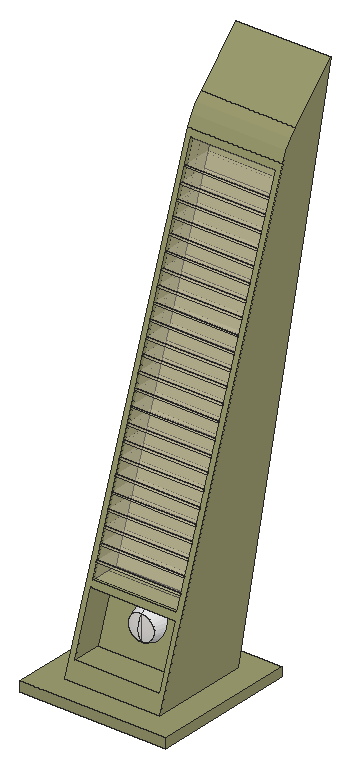
Revit family "KM5-Wall Mount", category Lighting Fixtures, host Face, Revit 2014
Parameters (values of type "KM51-Wall Mount")
  Watts = 50 W
  Wattage Comments = "50W"
  Voltage = 120 V
  URL = "https://www.hubbell.com/architecturalarealighting/en"
  Product Page URL = "https://www.hubbell.com/architecturalarealighting/en/Products/Lighting-Controls/Commercial-Outdoor-Lighting/Decorative-Post-Top/KicK-Mini-Medium/p/1506255"
  Product Documentation Link = "https://hubbellcdn.com/specsheet/aal_km5_spec.pdf"
  Power Factor = 1
  Photometrics Web = Web KM5 : KM5-T2-5040
  Photometric Web Link = "https://www.hubbell.com/architecturalarealighting/en/Products/Lighting-Controls/Commercial-Outdoor-Lighting/Decorative-Post-Top/KicK-Mini-Medium/p/1506255#prod-photometry-section"
  Model = "KicK™ Mini Medium-Wall Mount"  # constant formula
  Manufacturer = "Architectural Area Lighting"  # constant formula
  Load Classification = Lighting
  Light distribution = "IES Type II,III,IV"
  Lamp = "LED"
  IP Rating = "IP55"
  Height [instance] = 120.000"
  Glass = Hubbell-Glass
  Finish = Hubbell-Titanium
  Description = "KM5 brings the performance and features of the full size KicK luminaires into a smaller form factor for architectural pole or building mount applications"  # constant formula
  Default Elevation = 48.000"
  Create date = "05/16/2019"
  Copyright = "©Architectural Area Lighting a unit of Hubbell Lighting"  # constant formula
  Contact us = "https://www.hubbell.com/architecturalarealighting/en/contactUs?productId=1506255"
  Certification = "Luminaire shall be listed with UL for outdoor,\r\nwet location use, UL1598, UL 8750 and\r\nCanadian CSA Std. C22.2 no.250.\r\n• ANSI C136.31-2010 4G Vibration tested and\r\ncompliant.\r\n• IEC 66262 Mechanical Impact Code IK10\r\n• IDA approved, 3000K and warmer CCTs\r\nonly"  # constant formula
  CRI = "70"
  Assembly Code = "D5020280"
  Apparent Load = Watts / Power Factor  # 50 VA
Reference planes (in)
  plane 1 "Center (Front/Back)": y = 0
  plane 2: z = 0
  plane 3 "Center (Left/Right)": x = 0
  plane 4: z = 0.5
  plane 5: y = 3.85
  plane 6: y = -3.85
  plane 7: x = -3.85
  plane 8: x = 3.85
  plane 9: z = 26.8
  plane 10: y = 8.75
Forms (in)
  Extrusion 1, solid, material "Hubbell-Titanium" <- "Finish"
    sketch origin (0, 0, 0) x (1, 0, 0) y (0, 1, 0)
      loop
        line (-3.85, 3.85) -> (-3.85, -3.85) -> (3.85, -3.85) -> (3.85, 3.85) -> (-3.85, 3.85)
    from 0 to 0.5
Dimensions and locks (in)
  locked: host sketch curve to host sketch curve at 48  (x2)
  equal spacing: host sketch curve, plane 3 "Center (Left/Right)", host sketch curve
  equal spacing: host sketch curve, plane 1 "Center (Front/Back)", host sketch curve
  plane 3 "Center (Left/Right)" to host sketch curve = 24.000"
  plane 1 "Center (Front/Back)" to host sketch curve = 24.000"
  locked: plane 4 to plane 2 at 0.5
  equal spacing: plane 7, plane 3 "Center (Left/Right)", plane 8
  locked: plane 7 to plane 8 at 7.7
  equal spacing: plane 5, plane 1 "Center (Front/Back)", plane 6
  locked: plane 5 to plane 6 at 7.7
  plane 10 to plane 6 = 12.600"
  plane 9 to plane 2 = 26.800"
  aligned and locked: plane 2 to host face
  aligned and locked: level to host face
  aligned and locked: Extrusion 1 sketch curve to plane 5
  aligned and locked: plane 7 to Extrusion 1 sketch curve
  aligned and locked: plane 6 to Extrusion 1 sketch curve
  aligned and locked: Extrusion 1 sketch curve to plane 8
  aligned and locked: plane 4 to Extrusion 1
  aligned and locked: nested 1 to plane 10
  aligned and locked: nested 1 to plane 3 "Center (Left/Right)"
Nested families (in)
  nested 1: "Side Mounted" at (0, 2.65, 0.5) x (-1, 0, 0) z (0, 0, 1), Finish <- "Finish", Glass <- "Glass", type "Side Mounted"
    with Glass Hubbell-Glass, Finish Hubbell-Titanium
  nested 2: "Web KM5" at (-0.18375, 2.30606, 13.58752) x (0, -0.3379, -0.9412) z (0, -0.9412, 0.3379), type <- "Photometrics Web", type "KM5-T2-5040"
Connectors (in)
  electrical at (0, 0, 0), driven by "Load Classification", driven by "Voltage", driven by "Apparent Load", driven by "Power Factor"
    settings: on Extrusion 1, index 1, voltage 120 V, apparent load 50 VA, apparent load phase1 0 VA, apparent load phase2 0 VA, apparent load phase3 0 VA, power factor 1, load classification "Lighting", number of poles 1, system type 30, power factor state 1, is connector primary yes, connector utility no, sub classification motor no, connector description "Lighting Connector"
Definition of nested family "Side Mounted"
  Parameters (values of type "Side Mounted")
    URL = ""
    Sensor = Hubbell-White
    Product Page URL = ""
    Product Documentation Link = ""
    Model = ""
    Manufacturer Phone = ""
    Manufacturer Fax = ""
    Manufacturer = ""
    Glass [instance] = Hubbell-Glass
    Finish [instance] = none
    Description = ""
    Default Elevation = 48.000"
    Apparent Load = 0 VA
  Reference planes (in)
    plane 1 "Center (Front/Back)": y = 0
    plane 2: z = 0
    plane 3 "Center (Left/Right)": x = 0
    plane 4: x = -2.5
    plane 5: x = 2.5
    plane 6: x = -2.25
    plane 7: x = 2.25
    plane 8: y = 5.2
    plane 9: z = 26.3
    plane 10: y = -6.1
  Forms (in)
    Extrusion 1, solid
      sketch origin (0, 0, 0) x (1, 0, 0) y (0, 1, 0)
        loop
          line (-24, 24) -> (-24, -24) -> (24, -24) -> (24, 24) -> (-24, 24)
      from 0 to -1.5
    Extrusion 2, solid, material <- "Finish"
      sketch origin (0, 0, 0) x (0, 1, 0) y (0, 0, 1)
        loop
          line (0, 0) -> (5.21148, 0) -> (-2.92381, 22.6562)
          arc (-2.92381, 22.6562) -> (-3.30316, 23.35924) -> (-3.82625, 23.96302) r 3.65346
          line (-3.82625, 23.96302) -> (-6.1, 26.3) -> (0, 0)
      from -2.5 to 2.5
    Extrusion 3, void
      sketch origin (0, 0, 0) x (0, 1, 0) y (0, 0, 1)
        loop
          line (4.90851, 0.84375) -> (3.8328, 3.83952) -> (2.28992, 3.83952) -> (3.36562, 0.84375) -> (4.90851, 0.84375)
        loop
          line (-4.33879, 22.3) -> (2.18507, 4.1315) -> (3.72796, 4.1315) -> (-2.7959, 22.3) -> (-4.33879, 22.3)
      from -2.25 to 2.25
    Extrusion 4, solid, material "Hubbell-Glass" <- "Glass"
      sketch origin (0, 0, 0) x (0, 1, 0) y (0, 0, 1)
        loop
          line (-2.96403, 22.3) -> (-3.5597, 22.3) -> (2.69622, 4.1315) -> (3.55983, 4.1315) -> (-2.96403, 22.3)
      from -2.25 to 2.25
    Revolve 5, solid, material "Hubbell-White" <- "Sensor"
      sketch origin (0, 0, 0) x (0, 1, 0) y (0, 0, 1)
        loop
          line (-2.5, 1.1749) -> (-1.80768, 1.1749) -> (0, 0) -> (0, 1.9249) -> (-2.5, 1.9249) -> (-2.5, 1.1749)
        axis (-2.5, 1.9249) -> (0, 1.9249)
      angle from 0 to 360
    Revolve 6, solid, material "Hubbell-White" <- "Sensor"
      sketch origin (0, 0, 0.28125) x (0, 1, 0) y (0, 0, 1)
        loop
          line (3.28062, 2.1749) -> (3.28062, 2.85862) -> (2.31338, 3.21351) -> (2.31338, 2.1749) -> (3.28062, 2.1749)
        axis (2.31338, 2.1749) -> (3.28062, 2.1749)
      angle from 0 to 360
    Revolve 7, solid, material "Hubbell-Glass" <- "Glass"
      sketch origin (0, 0, 0.28125) x (0, 1, 0) y (0, 0, 1)
        loop
          line (3.28062, 2.8573) -> (3.28062, 2.1749) -> (3.51082, 2.1749)
          arc (3.51082, 2.1749) -> (3.43891, 2.53067) -> (3.28062, 2.8573) r 1.44518
        axis (3.28062, 2.1749) -> (3.51082, 2.1749)
      angle from 0 to 360
    Extrusion 8, solid, material "Hubbell-Glass" <- "Glass"
      sketch origin (0, 0, 0) x (0, 1, 0) y (0, 0, 1)
        loop
          line (3.47909, 4.8246) -> (3.43725, 4.94111) -> (1.89436, 4.94111) -> (1.9362, 4.8246) -> (3.47909, 4.8246)
        loop
          line (3.22562, 5.53047) -> (3.18379, 5.64699) -> (1.6409, 5.64699) -> (1.68274, 5.53047) -> (3.22562, 5.53047)
        loop
          line (2.97216, 6.23634) -> (2.93032, 6.35286) -> (1.38744, 6.35286) -> (1.42927, 6.23634) -> (2.97216, 6.23634)
        loop
          line (2.7187, 6.94222) -> (2.67686, 7.05873) -> (1.13398, 7.05873) -> (1.17581, 6.94222) -> (2.7187, 6.94222)
        loop
          line (2.46524, 7.64809) -> (2.4234, 7.76461) -> (0.88051, 7.76461) -> (0.92235, 7.64809) -> (2.46524, 7.64809)
        loop
          line (2.21178, 8.35396) -> (2.16994, 8.47048) -> (0.62705, 8.47048) -> (0.66889, 8.35396) -> (2.21178, 8.35396)
        loop
          line (1.95831, 9.05984) -> (1.91648, 9.17635) -> (0.37359, 9.17635) -> (0.41543, 9.05984) -> (1.95831, 9.05984)
        loop
          line (1.70485, 9.76571) -> (1.66302, 9.88223) -> (0.12013, 9.88223) -> (0.16197, 9.76571) -> (1.70485, 9.76571)
        loop
          line (1.45139, 10.47158) -> (1.40955, 10.5881) -> (-0.13333, 10.5881) -> (-0.0915, 10.47158) -> (1.45139, 10.47158)
        loop
          line (1.19793, 11.17746) -> (1.15609, 11.29397) -> (-0.3868, 11.29397) -> (-0.34496, 11.17746) -> (1.19793, 11.17746)
        loop
          line (0.94447, 11.88333) -> (0.90263, 11.99985) -> (-0.64026, 11.99985) -> (-0.59842, 11.88333) -> (0.94447, 11.88333)
        loop
          line (0.69101, 12.5892) -> (0.64917, 12.70572) -> (-0.89372, 12.70572) -> (-0.85188, 12.5892) -> (0.69101, 12.5892)
        loop
          line (0.43754, 13.29508) -> (0.39571, 13.41159) -> (-1.14718, 13.41159) -> (-1.10534, 13.29508) -> (0.43754, 13.29508)
        loop
          line (0.18408, 14.00095) -> (0.14224, 14.11747) -> (-1.40064, 14.11747) -> (-1.35881, 14.00095) -> (0.18408, 14.00095)
        loop
          line (-0.06938, 14.70682) -> (-0.11122, 14.82334) -> (-1.65411, 14.82334) -> (-1.61227, 14.70682) -> (-0.06938, 14.70682)
        loop
          line (-0.32284, 15.4127) -> (-0.36468, 15.52921) -> (-1.90757, 15.52921) -> (-1.86573, 15.4127) -> (-0.32284, 15.4127)
        loop
          line (-0.5763, 16.11857) -> (-0.61814, 16.23509) -> (-2.16103, 16.23509) -> (-2.11919, 16.11857) -> (-0.5763, 16.11857)
        loop
          line (-0.82977, 16.82444) -> (-0.8716, 16.94096) -> (-2.41449, 16.94096) -> (-2.37265, 16.82444) -> (-0.82977, 16.82444)
        loop
          line (-1.08323, 17.53032) -> (-1.12507, 17.64683) -> (-2.66795, 17.64683) -> (-2.62612, 17.53032) -> (-1.08323, 17.53032)
        loop
          line (-1.33669, 18.23619) -> (-1.37853, 18.35271) -> (-2.92142, 18.35271) -> (-2.87958, 18.23619) -> (-1.33669, 18.23619)
        loop
          line (-1.59015, 18.94206) -> (-1.63199, 19.05858) -> (-3.17488, 19.05858) -> (-3.13304, 18.94206) -> (-1.59015, 18.94206)
        loop
          line (-1.84361, 19.64794) -> (-1.88545, 19.76445) -> (-3.42834, 19.76445) -> (-3.3865, 19.64794) -> (-1.84361, 19.64794)
        loop
          line (-2.09708, 20.35381) -> (-2.13891, 20.47032) -> (-3.6818, 20.47032) -> (-3.63996, 20.35381) -> (-2.09708, 20.35381)
        loop
          line (-2.35054, 21.05968) -> (-2.39237, 21.1762) -> (-3.93526, 21.1762) -> (-3.89342, 21.05968) -> (-2.35054, 21.05968)
      from -2.25 to 2.25
  Cuts and joins
    Extrusion 3 cuts Extrusion 2
  Dimensions and locks (in)
    locked: Extrusion 1 sketch curve to Extrusion 1 sketch curve at 48  (x2)
    equal spacing: Extrusion 1 sketch curve, plane 3 "Center (Left/Right)", Extrusion 1 sketch curve
    equal spacing: Extrusion 1 sketch curve, plane 1 "Center (Front/Back)", Extrusion 1 sketch curve
    plane 3 "Center (Left/Right)" to Extrusion 1 sketch curve = 24.000"
    plane 1 "Center (Front/Back)" to Extrusion 1 sketch curve = 24.000"
    equal spacing: plane 5, plane 3 "Center (Left/Right)", plane 4
    locked: plane 5 to plane 4 at 5
    equal spacing: plane 7, plane 3 "Center (Left/Right)", plane 6
    locked: plane 6 to plane 4 at 0.25
    plane 8 to plane 1 "Center (Front/Back)" = 5.200"
    plane 9 to plane 2 = 26.300"
    plane 1 "Center (Front/Back)" to plane 10 = 6.100"
    plane 5 to plane 7 = 0.250"
    aligned and locked: plane 2 to Extrusion 1
    aligned and locked: level to Extrusion 1
    aligned and locked: plane 1 "Center (Front/Back)" to Extrusion 2 sketch curve
    aligned and locked: plane 2 to Extrusion 2 sketch curve
    aligned and locked: Extrusion 2 to plane 4
    aligned and locked: Extrusion 2 to plane 5
    aligned and locked: Extrusion 4 to plane 6
    aligned and locked: plane 7 to Extrusion 4
    aligned and locked: Extrusion 3 to plane 6
    aligned and locked: plane 7 to Extrusion 3
    aligned and locked: cut or joined group of Extrusion 2, Extrusion 3 to Extrusion 8  (x2)
  Automatic sketch dimensions
    Revolve 5 sketch curve to plane 1 "Center (Front/Back)" = 0.000"
    Revolve 5 sketch curve to level = 0.000"
    plane 1 "Center (Front/Back)" to Revolve 5 sketch curve = 1.80768"
    Revolve 5 sketch curve to Revolve 5 sketch curve = 0.69232"
    Revolve 5 sketch curve to Revolve 5 sketch curve = 0.000"  (x2)
    Revolve 5 sketch curve to Revolve 5 sketch curve = 1.750"
    level to Revolve 5 sketch curve = 1.1749"
    Revolve 5 sketch curve to Revolve 5 sketch curve = 1.9249"
    Revolve 6 sketch curve to plane 1 "Center (Front/Back)" = 2.31338"
    level to Revolve 6 sketch curve = 2.45615"  (x2)
    Revolve 6 sketch curve to Revolve 6 sketch curve = 0.96724"
    plane 1 "Center (Front/Back)" to Revolve 6 sketch curve = 2.500"
    Revolve 6 sketch curve to plane 8 = 1.400"
    Revolve 6 sketch curve to Revolve 6 sketch curve = 0.68373"
    Revolve 6 sketch curve to Revolve 6 sketch curve = 0.35489"
    plane 10 to Extrusion 2 sketch curve = 2.27375"
    Extrusion 2 sketch curve to plane 9 = 3.6438"
    Extrusion 2 sketch curve to plane 9 = 0.000"
    plane 10 to Extrusion 2 sketch curve = 0.000"
    Extrusion 2 sketch curve to Extrusion 2 sketch curve = 0.90245"
    Extrusion 2 sketch curve to plane 8 = 0.01148"
    Extrusion 2 sketch curve to plane 10 = 0.20946"
    Extrusion 2 sketch curve to Extrusion 2 sketch curve = 1.30682"
    plane 1 "Center (Front/Back)" to Extrusion 4 sketch curve = 2.96403"
    plane 8 to Extrusion 4 sketch curve = 1.64017"
    level to Extrusion 4 sketch curve = 4.1315"
    Extrusion 4 sketch curve to Extrusion 4 sketch curve = 0.59567"
    Extrusion 4 sketch curve to Extrusion 4 sketch curve = 0.86362"
    Extrusion 4 sketch curve to plane 9 = 4.000"
    plane 1 "Center (Front/Back)" to Extrusion 3 sketch curve = 2.7959"
    plane 8 to Extrusion 3 sketch curve = 0.29149"
    level to Extrusion 3 sketch curve = 0.84375"
    Extrusion 3 sketch curve to plane 1 "Center (Front/Back)" = 2.28992"
    Extrusion 3 sketch curve to Extrusion 3 sketch curve = 1.54289"
    plane 8 to Extrusion 3 sketch curve = 1.47204"
    Extrusion 3 sketch curve to Extrusion 3 sketch curve = 0.10484"  (x2)
    plane 10 to Extrusion 3 sketch curve = 1.76121"
    Extrusion 3 sketch curve to Extrusion 3 sketch curve = 2.99577"
    Extrusion 3 sketch curve to Extrusion 3 sketch curve = 0.29198"
    Extrusion 3 sketch curve to plane 9 = 4.000"
    plane 8 to Revolve 7 sketch curve = 1.91938"
    level to Revolve 7 sketch curve = 2.45615"  (x2)
    Revolve 7 sketch curve to Revolve 7 sketch curve = 0.43418"
    Revolve 7 sketch curve to Revolve 7 sketch curve = 0.23019"
    Revolve 7 sketch curve to plane 8 = 1.30372"
    Revolve 7 sketch curve to Revolve 7 sketch curve = 1.21108"
    Revolve 7 sketch curve to Revolve 7 sketch curve = 0.10615"
    plane 10 to Extrusion 8 sketch curve = 2.16474"
    Extrusion 8 sketch curve to Extrusion 8 sketch curve = 0.04184"  (x46)
    Extrusion 8 sketch curve to Extrusion 8 sketch curve = 0.21162"  (x37)
    Extrusion 8 sketch curve to Extrusion 8 sketch curve = 1.28943"
    plane 1 "Center (Front/Back)" to Extrusion 8 sketch curve = 0.61814"
    plane 1 "Center (Front/Back)" to Extrusion 8 sketch curve = 0.3868"
    plane 1 "Center (Front/Back)" to Extrusion 8 sketch curve = 0.36468"
    plane 1 "Center (Front/Back)" to Extrusion 8 sketch curve = 0.13333"
    plane 1 "Center (Front/Back)" to Extrusion 8 sketch curve = 0.11122"
    plane 1 "Center (Front/Back)" to Extrusion 8 sketch curve = 0.0915"
    plane 1 "Center (Front/Back)" to Extrusion 8 sketch curve = 0.06938"
    Extrusion 8 sketch curve to plane 1 "Center (Front/Back)" = 0.12013"
    Extrusion 8 sketch curve to plane 1 "Center (Front/Back)" = 0.14224"
    Extrusion 8 sketch curve to plane 1 "Center (Front/Back)" = 0.37359"
    Extrusion 8 sketch curve to plane 1 "Center (Front/Back)" = 0.39571"
    level to Extrusion 8 sketch curve = 4.8246"
    Extrusion 8 sketch curve to Extrusion 8 sketch curve = 0.11651"  (x24)
    Extrusion 8 sketch curve to Extrusion 8 sketch curve = 0.58936"  (x23)
Definition of nested family "Web KM5"
  Parameters (values of type "KM5-T2-5050")
    Watts = 50 W
    Wattage Comments = ""
    Wattage = 50 W
    built-in parameter 1150110 = 1 (stored number, unit not read)
    URL = ""
    built-in parameter 1114217 = 1 (stored number, unit not read)
    Tilt Angle = -90.00°
    built-in parameter 1150109 = 1 (stored number, unit not read)
    built-in parameter 1150134 = 2
    built-in parameter 1150113 = 1 (stored number, unit not read)
    Product Page URL = ""
    Product Documentation Link = ""
    Photometric Web Notes = "More files Download Photometric Web Link"  # constant formula
    Photometric Web Link = "http://www.aal.net/products/kick_mini_medium"
    Photometric Web File = "KM5-T2-5050.IES"
    Model = ""
    Manufacturer Phone = ""
    Manufacturer Fax = ""
    Manufacturer = ""  # constant formula
    built-in parameter 1150105 = 445.63 (stored number, unit not read)
    Lumens = 5600 lm
    built-in parameter 1150115 = 1 (stored number, unit not read)
    built-in parameter 1150137 = (empty or 0)
    built-in parameter 1150139 = (empty or 0)
    built-in parameter 1150112 = 1 (stored number, unit not read)
    built-in parameter 1150114 = 1 (stored number, unit not read)
    Lamp = "LED"
    built-in parameter 1150132 = (empty or 0)
    built-in parameter 1150102 = (empty or 0)
    built-in parameter 1150107 = 5000 (stored number, unit not read)
    built-in parameter 1150138 = (empty or 0)
    built-in parameter 1150106 = 4.4563 (stored number, unit not read)
    Emit from Rectangle Width = 4.500"  # constant formula
    Emit from Rectangle Length = 19.000"  # constant formula
    Emit Shape Visible in Rendering = no
    built-in parameter 1150104 = 10.405 (stored number, unit not read)
    Dimming Lamp Color Temperature Shift = (empty or 0)
    Description = ""
    Default Elevation = 48.000"
    Color Filter = 16777215
    built-in parameter 1114218 = 1 (stored number, unit not read)
    built-in parameter 1150133 = 10 (stored number, unit not read)
    Apparent Load = 0 VA
  Types (6): name | Watts | Wattage | built-in parameter 1150134 | Photometric Web File | built-in parameter 1150105 | Lumens | built-in parameter 1150107 | built-in parameter 1150106 | built-in parameter 1150104
    KM5-T2-5050 | 50 W | 50 W | 2 | "KM5-T2-5050.IES" | 445.63 (stored number, unit not read) | 5600 lm | 5000 (stored number, unit not read) | 4.4563 (stored number, unit not read) | 10.405 (stored number, unit not read)
    KM5-T3-5040 | 50 W | 50 W | 12 | "KM5-T3-5040.ies" | 465.53 (stored number, unit not read) | 5850 lm | 4000 (stored number, unit not read) | 4.6553 (stored number, unit not read) | 10.87 (stored number, unit not read)
    KM5-T4-7040 | 70 W | 70 W | 12 | "KM5-T4-7040.ies" | 629.46 (stored number, unit not read) | 7910 lm | 4000 (stored number, unit not read) | 6.2946 (stored number, unit not read) | 10.498 (stored number, unit not read)
    KM5-T4-MO-7050 | 70 W | 70 W | 2 | "KM5-T4-MO-7050.IES" | 629.46 (stored number, unit not read) | 7910 lm | 5000 (stored number, unit not read) | 6.2946 (stored number, unit not read) | 10.498 (stored number, unit not read)
    KM5-T2-5040 | 50 W | 50 W | 12 | "KM5-T2-5040.ies" | 1605.5 (stored number, unit not read) | 5650 lm | 4000 (stored number, unit not read) | 16.055 (stored number, unit not read) | 10.498 (stored number, unit not read)
    KM5-T3-MO-5040 | 50 W | 50 W | 12 | "KM5-T3-MO-5040.ies" | 465.53 (stored number, unit not read) | 5850 lm | 4000 (stored number, unit not read) | 4.6553 (stored number, unit not read) | 10.87 (stored number, unit not read)
  Reference planes (in)
    plane 1 "Center (Front/Back)": y = 0.03999
    plane 2: z = 0
    plane 3 "Center (Left/Right)": x = -0.23896
  Forms (in)
    Extrusion 1, solid
      sketch origin (0, 0, 0.06357) x (1, 0, 0) y (0, 1, 0)
        loop
          line (-48, 48) -> (-48, -48) -> (48, -48) -> (48, 48) -> (-48, 48)
      from -0.06357 to -13.79058
  Lines and regions (in)
    reference lines
      curve 1: line (-0.23896, 0.03999, 18.11448) -> (-0.23896, 0.03999, -22.88552)
      curve 2: line (-0.23896, 0.03999, 34) -> (-0.23896, 0.03999, -22.88552)
  Dimensions and locks (in)
    aligned and locked: plane 2 to Extrusion 1
    aligned and locked: level to Extrusion 1
    aligned and locked: Extrusion 1 to imposter light
    aligned and locked: plane 3 "Center (Left/Right)" to imposter light
    aligned and locked: imposter light to plane 1 "Center (Front/Back)"
    aligned and locked: curve 1 to plane 3 "Center (Left/Right)"
    aligned and locked: plane 1 "Center (Front/Back)" to curve 2
